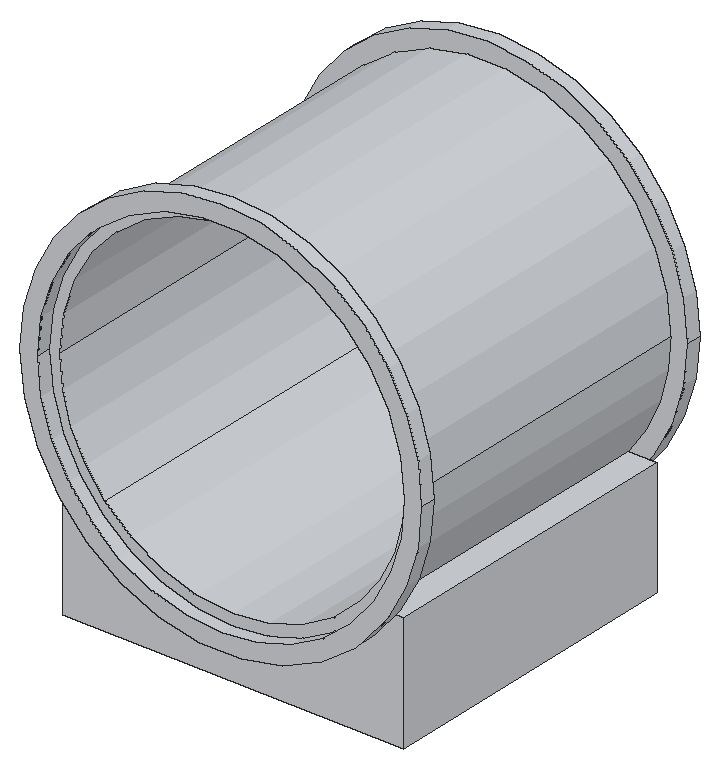
Revit family "Осевой вентилятор подпора ROP", category Оборудование, Revit 2024
Family settings
  Размер круглого соединителя = Использовать диаметр
  Классификация = Нет
  Тип детали = Вставляется
  На основе рабочей плоскости = Нет
  Всегда вертикально = Да
  При загрузке вырезать с полостями = Нет
  Сохранять ориентацию аннотаций = Нет
  Общий = Нет
  Точка принадлежности помещению = Нет
Parameters (values of type "WEPS 5")
  расстояние = ADSK_Диаметр_D2 / 2  # 290 mm
  Ширина = 492 mm
  Отметка по умолчанию = 0 mm
  Изготовитель = "ООО WAER"  # constant formula
  Высота = ADSK_Высота_h / 2  # 168.5 mm
  ADSK_Частота вращения двигателя = 0
  ADSK_Ток = 0 A
  ADSK_Полная мощность = ADSK_Ток * ADSK_Напряжение  # 0 VA
  ADSK_Номинальная мощность = 0 W
  ADSK_Напряжение = 0 V
  ADSK_Наименование = "WEPS 5"
  ADSK_Масса_Текст = "36"
  ADSK_Масса = 36
  ADSK_Марка = "35.4"
  ADSK_Коэффициент мощности = 1
  ADSK_Количество фаз = 3
  ADSK_Количество = 1  # constant formula
  ADSK_Код изделия = ""
  ADSK_Классификация нагрузок = ОВК
  ADSK_Завод-изготовитель = "WAER"  # constant formula
  ADSK_Единица измерения = "шт."  # constant formula
  ADSK_Длина_H = 500 mm
  ADSK_Длина_A = 458 mm
  ADSK_Диаметр_D2 = 580 mm
  ADSK_Диаметр_D1 = 530 mm
  ADSK_Диаметр_D = 500 mm
  ADSK_Высота_h = 337 mm
Types (11, lengths in mm): name | расстояние | Ширина | Высота | ADSK_Наименование | ADSK_Масса_Текст | ADSK_Масса | ADSK_Длина_H | ADSK_Длина_A | ADSK_Диаметр_D2 | ADSK_Диаметр_D1 | ADSK_Диаметр_D | ADSK_Высота_h
  WEPS 4 | 230 | 392 | 152.5 | "WEPS 4" | "26.2" | 26.2 | 400 | 344 | 460 | 450 | 400 | 305
  WEPS 4.5 | 265 | 492 | 156 | "WEPS 4.5" | "35.4" | 35.4 | 500 | 456 | 530 | 500 | 450 | 312
  WEPS 5 | 290 | 492 | 168.5 | "WEPS 5" | "36" | 36 | 500 | 458 | 580 | 530 | 500 | 337
  WEPS 5.6 | 320 | 492 | 191 | "WEPS 5.6" | "43" | 43 | 500 | 456 | 640 | 590 | 560 | 382
  WEPS 6.3 | 355 | 592 | 210 | "WEPS 6.3" | "58.8" | 58.8 | 600 | 544 | 710 | 660 | 630 | 420
  WEPS 7.1 | 395 | 692 | 240 | "WEPS 7.1" | "67.2" | 67.2 | 700 | 650 | 790 | 740 | 710 | 480
  WEPS 8 | 440 | 792 | 263.5 | "WEPS 8" | "82.4" | 82.4 | 800 | 750 | 880 | 830 | 800 | 527
  WEPS 9 | 490 | 692 | 263.5 | "WEPS 9" | "109.5" | 109.5 | 700 | 650 | 980 | 940 | 900 | 527
  WEPS 10 | 550 | 746 | 323.5 | "WEPS 10" | "112.5" | 112.5 | 755 | 705 | 1100 | 1040 | 1000 | 647
  WEPS 11.2 | 600 | 746 | 339.5 | "WEPS 11.2" | "233.6" | 233.6 | 755 | 705 | 1200 | 1160 | 1120 | 679
  WEPS 12.5 | 675 | 872 | 350 | "WEPS 12.5" | "199.5" | 199.5 | 940 | 828 | 1350 | 1290 | 1250 | 700
Reference planes
  plane 1 "По центру (Вперед/Назад)": y = 0
  plane 2: z = 0
  plane 3 "По центру (Влево/Вправо)": x = 0
  plane 4: x = -246
  plane 5: x = 246
  plane 6: y = 250
  plane 7: y = -250
  plane 8: z = 168.5
  plane 9: z = 2500
  plane 10: z = 337
  plane 11: y = -229
  plane 12: y = 229
  plane 13: x = 246
  plane 14: x = -246
Forms (mm)
  Extrusion 1, solid
    sketch origin (0, 0, 0) x (1, 0, 0) y (0, 0, 1)
      loop
        circle (0, 337) r 290
      loop
        circle (0, 337) r 265
    from 229 to 250
  Extrusion 2, solid
    sketch origin (0, 0, 0) x (1, 0, 0) y (0, 0, 1)
      loop
        circle (0, 337) r 290
      loop
        circle (0, 337) r 265
    from -250 to -229
  Extrusion 3, solid
    sketch origin (0, 0, 0) x (1, 0, 0) y (0, 0, 1)
      loop
        circle (0, 337) r 265
      loop
        circle (0, 337) r 250
    from -229 to 229
  Extrusion 4, solid
    sketch origin (0, 0, 0) x (1, 0, 0) y (0, 0, 1)
      loop
        line (-246, 168.5) -> (-246, 0) -> (246, 0) -> (246, 168.5) -> (-246, 168.5)
    from -229 to 229
  Extrusion 5, void
    sketch origin (0, 0, 0) x (1, 0, 0) y (0, 0, 1)
      loop
        circle (0, 337) r 250
    from -250 to 250
Cuts and joins
  Extrusion 5 cuts Extrusion 3
  Extrusion 5 cuts Extrusion 4
  joined: Extrusion 3, Extrusion 4
Dimensions and locks
  equal spacing: plane 4, plane 3 "По центру (Влево/Вправо)", plane 5
  "Ширина": plane 4 to plane 5
  equal spacing: plane 6, plane 1 "По центру (Вперед/Назад)", plane 7
  "ADSK_Длина_H": plane 6 to plane 7
  equal spacing: Extrusion 1 sketch curve, plane 3 "По центру (Влево/Вправо)", Extrusion 1 sketch curve
  equal spacing: Extrusion 1 sketch curve, plane 10, Extrusion 1 sketch curve
  "Высота": plane 8 to plane 2
  "ADSK_Высота_h": plane 10 to plane 2
  equal spacing: plane 11, plane 1 "По центру (Вперед/Назад)", plane 12
  "ADSK_Длина_A": plane 11 to plane 12
  equal spacing: Extrusion 2 sketch curve, plane 3 "По центру (Влево/Вправо)", Extrusion 2 sketch curve  (x2)
  equal spacing: Extrusion 2 sketch curve, plane 10, Extrusion 2 sketch curve  (x2)
  equal spacing: Extrusion 3 sketch curve, plane 10, Extrusion 3 sketch curve  (x2)
  equal spacing: Extrusion 3 sketch curve, plane 3 "По центру (Влево/Вправо)", Extrusion 3 sketch curve  (x2)
  equal spacing: plane 13, plane 3 "По центру (Влево/Вправо)", plane 14
  "Ширина": plane 13 to plane 14
  equal spacing: Extrusion 5 sketch curve, plane 10, Extrusion 5 sketch curve
  equal spacing: Extrusion 5 sketch curve, plane 3 "По центру (Влево/Вправо)", Extrusion 5 sketch curve
  plane 6 to plane 7 = 500 mm
  plane 8 to plane 2 = 168.5 mm
  "ADSK_Диаметр_D2": diameter of Extrusion 1 sketch curve
  "ADSK_Диаметр_D1": diameter of Extrusion 1 sketch curve
  "ADSK_Диаметр_D2": diameter of Extrusion 2 sketch curve
  "ADSK_Диаметр_D1": diameter of Extrusion 2 sketch curve
  "ADSK_Диаметр_D1": diameter of Extrusion 3 sketch curve
  "ADSK_Диаметр_D": diameter of Extrusion 3 sketch curve
  "ADSK_Диаметр_D": diameter of Extrusion 5 sketch curve
  aligned and locked: level to plane 2
  aligned and locked: Extrusion 1 to plane 7
  aligned and locked: Extrusion 1 to plane 11
  aligned and locked: plane 6 to Extrusion 2
  aligned and locked: Extrusion 2 to plane 12
  aligned and locked: plane 12 to Extrusion 3
  aligned and locked: Extrusion 3 to Extrusion 1
  aligned and locked: plane 12 to Extrusion 4
  aligned and locked: Extrusion 4 to Extrusion 1
  aligned and locked: Extrusion 4 sketch curve to plane 8
  aligned and locked: plane 14 to Extrusion 4 sketch curve
  aligned and locked: plane 2 to Extrusion 4 sketch curve
  aligned and locked: Extrusion 4 sketch curve to plane 13
  aligned and locked: plane 6 to Extrusion 5
  aligned and locked: Extrusion 5 to plane 7
Automatic sketch dimensions
  Extrusion 1 sketch curve to Extrusion 1 sketch curve = 0 mm  (x2)
Connectors
  hvac at (0, -229, 337), driven by "ADSK_Диаметр_D"
    settings: on Extrusion 1, index 1, duct flow 0.0 L/s, flow factor 0, pres drop 0.0 Pa, loss coef 0, conn angle 0.00°, conn width 304.8 mm, conn height 304.8 mm, conn diameter 500 mm, duct sys type 29, conn prof type 0, flow config 0, flow direction 2, loss method 0, conn ref index 2, conn util no, is conn primary yes, conn desc ""
  hvac at (0, 229, 337), driven by "ADSK_Диаметр_D"
    settings: on Extrusion 2, index 2, duct flow 0.0 L/s, flow factor 0, pres drop 0.0 Pa, loss coef 0, conn angle 0.00°, conn width 304.8 mm, conn height 304.8 mm, conn diameter 500 mm, duct sys type 29, conn prof type 0, flow config 0, flow direction 1, loss method 0, conn ref index 1, conn util no, is conn primary no, conn desc ""
  electrical at (-246, 0, 84.25)
    settings: on cut or joined group of Extrusion 3, Extrusion 4, Extrusion 5, index 3, voltage 0 V, apparent load 0 VA, apparent load phase1 0 VA, apparent load phase2 0 VA, apparent load phase3 0 VA, power factor 1, load classification "Прочее", number of poles 1, system type 31, power factor state 1, is connector primary yes, connector utility no, sub classification motor no, connector description ""
